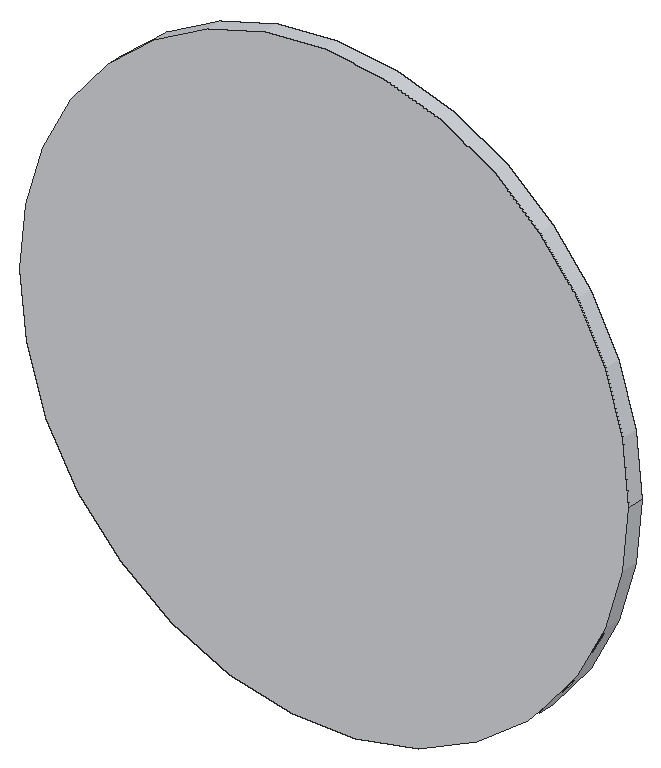
Revit family
Parameters
  Sign Thickness = 2 mm
  Sign Radius = 37.5 mm
  Height = 1500 mm
Reference planes
  plane 1 "Center (Front/Back)": y = -198
  plane 2: z = 0
  plane 3 "Center (Left/Right)": x = 0
  plane 4: z = 1500
  plane 5: y = -196
Forms (mm)
  Extrusion 1, solid
    sketch origin (0, -198, 0) x (1, 0, 0) y (0, 0, 1)
      loop
        circle (0, 1500) r 37.5
    from -2 to 0
Lines and regions (mm)
  model lines, style "Signage"
    curve 1: arc (18.944, -198, 1509.775) -> (13.387, -198, 1515.332) -> (7.829, -198, 1509.775) r 5.558
    curve 2: arc (7.829, -198, 1509.775) -> (13.387, -198, 1504.217) -> (18.944, -198, 1509.775) r 5.558
    curve 3: line (7.083, -198, 1508.174) -> (4.971, -198, 1505.619)
    curve 4: line (7.083, -198, 1511.094) -> (7.083, -198, 1508.174)
    curve 5: line (6.608, -198, 1512.584) -> (7.083, -198, 1511.094)
    curve 6: line (0.501, -198, 1520.042) -> (6.608, -198, 1512.584)
    curve 7: line (-1.874, -198, 1523.093) -> (0.501, -198, 1520.042)
    curve 8: line (-3.231, -198, 1523.771) -> (-1.874, -198, 1523.093)
    curve 9: line (-4.927, -198, 1522.076) -> (-3.231, -198, 1523.771)
    curve 10: line (-5.266, -198, 1520.042) -> (-4.927, -198, 1522.076)
    curve 11: line (-2.946, -198, 1515.79) -> (-5.266, -198, 1520.042)
    curve 12: line (-8.224, -198, 1515.79) -> (-2.946, -198, 1515.79)
    curve 13: line (-7.47, -198, 1521.818) -> (-8.224, -198, 1515.79)
    curve 14: line (-10.863, -198, 1525.585) -> (-7.47, -198, 1521.818)
    curve 15: line (-12.371, -198, 1527.469) -> (-10.863, -198, 1525.585)
    curve 16: line (-14.256, -198, 1527.469) -> (-12.371, -198, 1527.469)
    curve 17: line (-15.387, -198, 1526.338) -> (-14.256, -198, 1527.469)
    curve 18: line (-15.387, -198, 1524.078) -> (-15.387, -198, 1526.338)
    curve 19: line (-12.748, -198, 1520.311) -> (-15.387, -198, 1524.078)
    curve 20: line (-14.633, -198, 1513.907) -> (-12.748, -198, 1520.311)
    curve 21: line (-15.387, -198, 1511.27) -> (-14.633, -198, 1513.907)
    curve 22: line (-16.141, -198, 1508.633) -> (-15.387, -198, 1511.27)
    curve 23: line (-15.01, -198, 1506.749) -> (-16.141, -198, 1508.633)
    curve 24: line (-12.371, -198, 1504.865) -> (-15.01, -198, 1506.749)
    curve 25: line (0.824, -198, 1504.865) -> (-12.371, -198, 1504.865)
    curve 26: line (4.971, -198, 1505.619) -> (0.824, -198, 1504.865)
    curve 27: line (-14.426, -198, 1510.995) -> (-13.646, -198, 1513.721)
    curve 28: line (-15.06, -198, 1508.775) -> (-14.426, -198, 1510.995)
    curve 29: line (-14.26, -198, 1507.442) -> (-15.06, -198, 1508.775)
    curve 30: line (-12.832, -198, 1506.423) -> (-14.26, -198, 1507.442)
    curve 31: line (-6.064, -198, 1506.423) -> (-12.832, -198, 1506.423)
    curve 32: line (-6.064, -198, 1513.721) -> (-6.064, -198, 1506.423)
    curve 33: line (-13.646, -198, 1513.721) -> (-6.064, -198, 1513.721)
    curve 34: line (-20, -198, 1502.5) -> (20, -198, 1502.5)
    curve 35: line (-20, -198, 1500) -> (-20, -198, 1502.5)
    curve 36: line (20, -198, 1502.5) -> (20, -198, 1500)
    curve 37: line (-20, -198, 1500) -> (20, -198, 1500)
    curve 38: arc (18.944, -198, 1509.775) -> (13.387, -198, 1515.332) -> (7.829, -198, 1509.775) r 5.558
    curve 39: arc (7.829, -198, 1509.775) -> (13.387, -198, 1504.217) -> (18.944, -198, 1509.775) r 5.558
    curve 40: line (7.083, -198, 1508.174) -> (4.971, -198, 1505.619)
    curve 41: line (7.083, -198, 1511.094) -> (7.083, -198, 1508.174)
    curve 42: line (6.608, -198, 1512.584) -> (7.083, -198, 1511.094)
    curve 43: line (0.501, -198, 1520.042) -> (6.608, -198, 1512.584)
    curve 44: line (-1.874, -198, 1523.093) -> (0.501, -198, 1520.042)
    curve 45: line (-3.231, -198, 1523.771) -> (-1.874, -198, 1523.093)
    curve 46: line (-4.927, -198, 1522.076) -> (-3.231, -198, 1523.771)
    curve 47: line (-5.266, -198, 1520.042) -> (-4.927, -198, 1522.076)
    curve 48: line (-2.946, -198, 1515.79) -> (-5.266, -198, 1520.042)
    curve 49: line (-8.224, -198, 1515.79) -> (-2.946, -198, 1515.79)
    curve 50: line (-7.47, -198, 1521.818) -> (-8.224, -198, 1515.79)
    curve 51: line (-10.863, -198, 1525.585) -> (-7.47, -198, 1521.818)
    curve 52: line (-12.371, -198, 1527.469) -> (-10.863, -198, 1525.585)
    curve 53: line (-14.256, -198, 1527.469) -> (-12.371, -198, 1527.469)
    curve 54: line (-15.387, -198, 1526.338) -> (-14.256, -198, 1527.469)
    curve 55: line (-15.387, -198, 1524.078) -> (-15.387, -198, 1526.338)
    curve 56: line (-12.748, -198, 1520.311) -> (-15.387, -198, 1524.078)
    curve 57: line (-14.633, -198, 1513.907) -> (-12.748, -198, 1520.311)
    curve 58: line (-15.387, -198, 1511.27) -> (-14.633, -198, 1513.907)
    curve 59: line (-16.141, -198, 1508.633) -> (-15.387, -198, 1511.27)
    curve 60: line (-15.01, -198, 1506.749) -> (-16.141, -198, 1508.633)
    curve 61: line (-12.371, -198, 1504.865) -> (-15.01, -198, 1506.749)
    curve 62: line (0.824, -198, 1504.865) -> (-12.371, -198, 1504.865)
    curve 63: line (4.971, -198, 1505.619) -> (0.824, -198, 1504.865)
    curve 64: line (-14.426, -198, 1510.995) -> (-13.646, -198, 1513.721)
    curve 65: line (-15.06, -198, 1508.775) -> (-14.426, -198, 1510.995)
    curve 66: line (-14.26, -198, 1507.442) -> (-15.06, -198, 1508.775)
    curve 67: line (-12.832, -198, 1506.423) -> (-14.26, -198, 1507.442)
    curve 68: line (-6.064, -198, 1506.423) -> (-12.832, -198, 1506.423)
    curve 69: line (-6.064, -198, 1513.721) -> (-6.064, -198, 1506.423)
    curve 70: line (-13.646, -198, 1513.721) -> (-6.064, -198, 1513.721)
    curve 71: line (-20, -198, 1502.5) -> (20, -198, 1502.5)
    curve 72: line (-20, -198, 1500) -> (-20, -198, 1502.5)
    curve 73: line (20, -198, 1502.5) -> (20, -198, 1500)
    curve 74: line (-20, -198, 1500) -> (20, -198, 1500)
  symbolic lines, style "2D Signage Placement Lines"
    curve 75: line (-150, -196, 0) -> (150, -196, 0)
    curve 76: line (0, -196, 0) -> (0, -46, 0)
    curve 77: line (0, -196, 0) -> (0, -346, 0)
Dimensions and locks
  "Height": plane 4 to level
  "Sign Thickness": plane 1 "Center (Front/Back)" to Extrusion 1
  "Sign Radius": radius of Extrusion 1 sketch curve
  aligned and locked: plane 1 "Center (Front/Back)" to Extrusion 1
  aligned and locked: plane 5 to Extrusion 1
Automatic sketch dimensions
  Extrusion 1 sketch curve to plane 3 "Center (Left/Right)" = 0 mm
  Extrusion 1 sketch curve to plane 4 = 0 mm
  curve 36 to plane 4 = 0 mm
  curve 37 to plane 3 "Center (Left/Right)" = 20 mm
  curve 34 to curve 23 = 3.859 mm
  curve 17 to plane 3 "Center (Left/Right)" = 15.387 mm
  curve 22 to curve 21 = 0.754 mm
  curve 22 to curve 28 = 1.081 mm
  curve 24 to plane 4 = 6.749 mm
  curve 28 to curve 24 = 0.05 mm
  curve 21 to curve 20 = 0.754 mm
  curve 21 to curve 28 = 0.961 mm
  curve 23 to curve 30 = 0.75 mm
  curve 17 to curve 17 = 1.131 mm
  curve 20 to curve 33 = 0.987 mm
  curve 29 to curve 31 = 1.428 mm
  curve 18 to curve 20 = 2.639 mm
  curve 24 to plane 4 = 4.865 mm
  curve 30 to curve 24 = 0.461 mm
  curve 16 to curve 16 = 1.885 mm
  curve 15 to curve 15 = 1.508 mm
  curve 27 to curve 12 = 5.422 mm
  curve 14 to curve 14 = 3.393 mm
  curve 31 to plane 3 "Center (Left/Right)" = 6.064 mm
  curve 13 to curve 11 = 2.204 mm
  curve 10 to curve 10 = 0.339 mm
  curve 9 to curve 9 = 1.696 mm
  curve 12 to plane 3 "Center (Left/Right)" = 2.946 mm
  curve 8 to curve 7 = 1.357 mm
  plane 3 "Center (Left/Right)" to curve 6 = 0.501 mm
  plane 3 "Center (Left/Right)" to curve 25 = 0.824 mm
  curve 25 to curve 3 = 4.147 mm
  plane 3 "Center (Left/Right)" to curve 5 = 6.608 mm
  curve 5 to curve 5 = 0.476 mm
  curve 4 to curve 2 = 0.746 mm
  curve 1 to curve 1 = 5.558 mm
  curve 1 to curve 36 = 1.056 mm
  curve 36 to plane 4 = 2.5 mm
  curve 25 to curve 3 = 0.753 mm
  curve 24 to curve 30 = 1.557 mm
  curve 23 to curve 29 = 0.693 mm
  curve 3 to curve 3 = 2.556 mm
  curve 23 to curve 23 = 1.884 mm
  curve 22 to curve 28 = 0.143 mm
  curve 34 to curve 1 = 7.275 mm
  curve 28 to curve 27 = 2.22 mm
  curve 1 to curve 5 = 1.319 mm
  curve 27 to curve 21 = 0.275 mm
  curve 4 to curve 5 = 1.49 mm
  curve 31 to curve 33 = 7.299 mm
  curve 27 to curve 20 = 0.185 mm
  curve 32 to curve 12 = 2.069 mm
  curve 11 to curve 7 = 4.252 mm
  curve 11 to curve 11 = 4.252 mm
  curve 12 to curve 19 = 4.521 mm
  curve 10 to curve 13 = 1.776 mm
  curve 10 to curve 10 = 2.034 mm
  curve 9 to curve 8 = 1.017 mm
  curve 7 to curve 9 = 0.678 mm
  curve 19 to curve 19 = 3.767 mm
  curve 18 to curve 14 = 1.507 mm
  curve 18 to curve 18 = 2.26 mm
  curve 14 to curve 15 = 1.884 mm
  curve 1 to curve 38 = 0 mm  (x2)
  curve 38 to curve 1 = 0 mm
  curve 75 to plane 5 = 0 mm
  curve 76 to plane 3 "Center (Left/Right)" = 0 mm
  curve 75 to plane 3 "Center (Left/Right)" = 150 mm
  plane 3 "Center (Left/Right)" to curve 75 = 150 mm
  curve 76 to curve 76 = 150 mm
  curve 77 to plane 3 "Center (Left/Right)" = 0 mm
  plane 1 "Center (Front/Back)" to curve 77 = 148 mm
